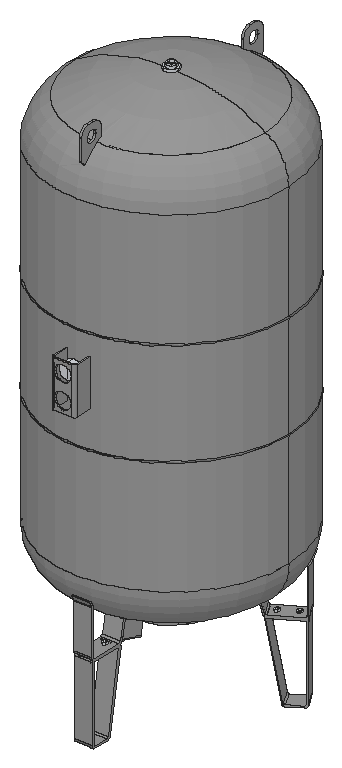
Revit family "WRV 750", category Оборудование, Revit 2014
Parameters
  Описание = "Мембранный бак для отопления V=750л, Py=10бар, 1 1/2\""
  Материал = Красная краска
  Масса кг = "130"
  Комментарии к типоразмеру = "WRV 750"
  Изготовитель = "WESTER"  # constant formula
  URL = "http://www.wester.su/"
Reference planes
  plane 1 "По центру (Вперед/Назад)": y = 0
  plane 2: z = 0
  plane 3 "По центру (Влево/Вправо)": x = 0
Forms (mm)
  Revolve 1, solid, material "Красная краска" <- "Материал"
    sketch origin (161.5, 0, 720.958) x (0, 0, 1) y (-1, 0, 0)
      loop
        line (-429.958, 161.5) -> (1130.535, 161.5)
        arc (1130.535, 161.5) -> (1109.557, 323.049) -> (1047.304, 473.59) r 621.259
        arc (1047.304, 473.59) -> (990.263, 530.631) -> (912.343, 551.51) r 155.839
        line (912.343, 551.51) -> (530.188, 551.51)
        arc (530.188, 551.51) -> (527.688, 552.387) -> (525.188, 551.51) r 4
        line (525.188, 551.51) -> (182.452, 551.51)
        arc (182.452, 551.51) -> (179.952, 552.387) -> (177.452, 551.51) r 4
        line (177.452, 551.51) -> (-204.765, 551.51)
        arc (-204.765, 551.51) -> (-282.777, 530.591) -> (-339.873, 473.464) r 156.004
        arc (-339.873, 473.464) -> (-387.04, 371.473) -> (-415.161, 262.679) r 624.357
        line (-415.161, 262.679) -> (-429.958, 247.881) -> (-429.958, 161.5)
      axis (-429.958, 161.5) -> (1130.535, 161.5)
    angle from 0 to 360
  Revolve 2, solid, material "Красная краска" <- "Материал"
    sketch origin (0, 0, 542.559) x (-1, 0, 0) y (0, 0, -1)
      loop
        line (0, 251.559) -> (120, 251.559) -> (120, 259.559) -> (100, 259.559) -> (100, 268.559) -> (125, 268.559) -> (125, 274.559) -> (27.498, 274.559)
        arc (27.498, 274.559) -> (26.619, 276.68) -> (24.498, 277.559) r 3
        line (24.498, 277.559) -> (24.498, 322.559) -> (19.506, 322.559) -> (19.506, 279.516) -> (0, 279.516) -> (0, 251.559)
      axis (0, 322.559) -> (0, 251.559)
    angle from 0 to 360
  Revolve 3, solid
    sketch origin (0, 0, 1200) x (1, 0, 0) y (0, 0, 1)
      loop
        line (-13.204, 667.82) -> (-13.204, 663) -> (-16, 663) -> (-16, 656.503) -> (-23.985, 656.503) -> (-23.985, 651.489) -> (0, 651.489) -> (0, 653.751) -> (-7.729, 653.751) -> (-9.298, 655.32) -> (-9.298, 669.819) -> (-11.205, 669.819) -> (-13.204, 667.82)
      axis (0, 669.819) -> (0, 651.489)
    angle from 0 to 360
  Extrusion 4, solid, material "Красная краска" <- "Материал"
    sketch origin (0, 0, 0) x (0, 1, 0) y (0, 0, 1)
      loop
        line (-363.5, 256.711) -> (-363.5, 10)
        arc (-363.5, 10) -> (-360.571, 2.929) -> (-353.5, 0) r 10
        line (-353.5, 0) -> (-302.041, 0)
        arc (-302.041, 0) -> (-295.613, 2.34) -> (-292.193, 8.264) r 10
        line (-292.193, 8.264) -> (-248.28, 257.305)
        arc (-248.28, 257.305) -> (-250.055, 260.659) -> (-253.604, 262) r 5.366
        arc (-253.604, 262) -> (-247.516, 264.066) -> (-243.945, 269.412) r 10
        line (-243.945, 269.412) -> (-228.032, 328.8)
        arc (-228.032, 328.8) -> (-225.007, 332.569) -> (-220.184, 332.885) r 6
        line (-220.184, 332.885) -> (-211.645, 329.777) -> (-210.277, 333.536) -> (-218.816, 336.644)
        arc (-218.816, 336.644) -> (-226.854, 336.117) -> (-231.895, 329.835) r 10
        line (-231.895, 329.835) -> (-247.808, 270.447)
        arc (-247.808, 270.447) -> (-249.951, 267.24) -> (-253.604, 266) r 6
        line (-253.604, 266) -> (-355, 266)
        arc (-355, 266) -> (-359.243, 267.757) -> (-361, 272) r 6
        line (-361, 272) -> (-361, 421.321)
        arc (-361, 421.321) -> (-361.341, 423.909) -> (-362.34, 426.321) r 10
        line (-362.34, 426.321) -> (-371, 441.321) -> (-374.464, 439.321) -> (-365.804, 424.321)
        arc (-365.804, 424.321) -> (-365.204, 422.873) -> (-365, 421.321) r 6
        line (-365, 421.321) -> (-365, 272)
        arc (-365, 272) -> (-362.071, 264.929) -> (-355, 262) r 10
        line (-355, 262) -> (-359.63, 262)
        arc (-359.63, 262) -> (-362.466, 260.015) -> (-363.5, 256.711) r 5.366
      loop
        arc (-359.5, 10) -> (-357.743, 5.757) -> (-353.5, 4) r 6
        line (-353.5, 4) -> (-302.041, 4)
        arc (-302.041, 4) -> (-298.184, 5.404) -> (-296.132, 8.958) r 6
        line (-296.132, 8.958) -> (-252.62, 255.726)
        arc (-252.62, 255.726) -> (-253.286, 257.334) -> (-254.894, 258) r 2.274
        line (-254.894, 258) -> (-357.882, 258)
        arc (-357.882, 258) -> (-359.026, 257.526) -> (-359.5, 256.382) r 1.618
        line (-359.5, 256.382) -> (-359.5, 10)
    from -30 to 30
  Extrusion 5, solid, material "Красная краска" <- "Материал"
    sketch origin (-6.607, 11.444, 0) x (-0.866025, -0.5, 0) y (0, 0, 1)
      loop
        line (-363.5, 256.711) -> (-363.5, 10)
        arc (-363.5, 10) -> (-360.571, 2.929) -> (-353.5, 0) r 10
        line (-353.5, 0) -> (-302.041, 0)
        arc (-302.041, 0) -> (-295.613, 2.34) -> (-292.193, 8.264) r 10
        line (-292.193, 8.264) -> (-248.28, 257.305)
        arc (-248.28, 257.305) -> (-250.055, 260.659) -> (-253.604, 262) r 5.366
        arc (-253.604, 262) -> (-247.516, 264.066) -> (-243.945, 269.412) r 10
        line (-243.945, 269.412) -> (-228.032, 328.8)
        arc (-228.032, 328.8) -> (-225.007, 332.569) -> (-220.184, 332.885) r 6
        line (-220.184, 332.885) -> (-211.645, 329.777) -> (-210.277, 333.536) -> (-218.816, 336.644)
        arc (-218.816, 336.644) -> (-226.854, 336.117) -> (-231.895, 329.835) r 10
        line (-231.895, 329.835) -> (-247.808, 270.447)
        arc (-247.808, 270.447) -> (-249.951, 267.24) -> (-253.604, 266) r 6
        line (-253.604, 266) -> (-355, 266)
        arc (-355, 266) -> (-359.243, 267.757) -> (-361, 272) r 6
        line (-361, 272) -> (-361, 421.321)
        arc (-361, 421.321) -> (-361.341, 423.909) -> (-362.34, 426.321) r 10
        line (-362.34, 426.321) -> (-371, 441.321) -> (-374.464, 439.321) -> (-365.804, 424.321)
        arc (-365.804, 424.321) -> (-365.204, 422.873) -> (-365, 421.321) r 6
        line (-365, 421.321) -> (-365, 272)
        arc (-365, 272) -> (-362.071, 264.929) -> (-355, 262) r 10
        line (-355, 262) -> (-359.63, 262)
        arc (-359.63, 262) -> (-362.466, 260.015) -> (-363.5, 256.711) r 5.366
      loop
        arc (-359.5, 10) -> (-357.743, 5.757) -> (-353.5, 4) r 6
        line (-353.5, 4) -> (-302.041, 4)
        arc (-302.041, 4) -> (-298.184, 5.404) -> (-296.132, 8.958) r 6
        line (-296.132, 8.958) -> (-252.62, 255.726)
        arc (-252.62, 255.726) -> (-253.286, 257.334) -> (-254.894, 258) r 2.274
        line (-254.894, 258) -> (-357.882, 258)
        arc (-357.882, 258) -> (-359.026, 257.526) -> (-359.5, 256.382) r 1.618
        line (-359.5, 256.382) -> (-359.5, 10)
    from -43.215 to 16.785
  Extrusion 6, solid, material "Красная краска" <- "Материал"
    sketch origin (-44.612, -75.587, 0) x (0.866025, -0.5, 0) y (0, 0, 1)
      loop
        line (-363.5, 256.711) -> (-363.5, 10)
        arc (-363.5, 10) -> (-360.571, 2.929) -> (-353.5, 0) r 10
        line (-353.5, 0) -> (-302.041, 0)
        arc (-302.041, 0) -> (-295.613, 2.34) -> (-292.193, 8.264) r 10
        line (-292.193, 8.264) -> (-248.28, 257.305)
        arc (-248.28, 257.305) -> (-250.055, 260.659) -> (-253.604, 262) r 5.366
        arc (-253.604, 262) -> (-247.516, 264.066) -> (-243.945, 269.412) r 10
        line (-243.945, 269.412) -> (-228.032, 328.8)
        arc (-228.032, 328.8) -> (-225.007, 332.569) -> (-220.184, 332.885) r 6
        line (-220.184, 332.885) -> (-211.645, 329.777) -> (-210.277, 333.536) -> (-218.816, 336.644)
        arc (-218.816, 336.644) -> (-226.854, 336.117) -> (-231.895, 329.835) r 10
        line (-231.895, 329.835) -> (-247.808, 270.447)
        arc (-247.808, 270.447) -> (-249.951, 267.24) -> (-253.604, 266) r 6
        line (-253.604, 266) -> (-355, 266)
        arc (-355, 266) -> (-359.243, 267.757) -> (-361, 272) r 6
        line (-361, 272) -> (-361, 421.321)
        arc (-361, 421.321) -> (-361.341, 423.909) -> (-362.34, 426.321) r 10
        line (-362.34, 426.321) -> (-371, 441.321) -> (-374.464, 439.321) -> (-365.804, 424.321)
        arc (-365.804, 424.321) -> (-365.204, 422.873) -> (-365, 421.321) r 6
        line (-365, 421.321) -> (-365, 272)
        arc (-365, 272) -> (-362.071, 264.929) -> (-355, 262) r 10
        line (-355, 262) -> (-359.63, 262)
        arc (-359.63, 262) -> (-362.466, 260.015) -> (-363.5, 256.711) r 5.366
      loop
        arc (-359.5, 10) -> (-357.743, 5.757) -> (-353.5, 4) r 6
        line (-353.5, 4) -> (-302.041, 4)
        arc (-302.041, 4) -> (-298.184, 5.404) -> (-296.132, 8.958) r 6
        line (-296.132, 8.958) -> (-252.62, 255.726)
        arc (-252.62, 255.726) -> (-253.286, 257.334) -> (-254.894, 258) r 2.274
        line (-254.894, 258) -> (-357.882, 258)
        arc (-357.882, 258) -> (-359.026, 257.526) -> (-359.5, 256.382) r 1.618
        line (-359.5, 256.382) -> (-359.5, 10)
    from -117.766 to -57.766
  Extrusion 7, solid, material "Красная краска" <- "Материал"
    sketch origin (0, 0, 0) x (0, 1, 0) y (0, 0, 1)
      loop
        line (295, 1805.446) -> (295, 1777.795) -> (361.865, 1722.311) -> (375, 1735.446) -> (375, 1805.446)
        arc (375, 1805.446) -> (366.213, 1826.659) -> (345, 1835.446) r 30
        line (345, 1835.446) -> (325, 1835.446)
        arc (325, 1835.446) -> (303.787, 1826.659) -> (295, 1805.446) r 30
      loop
        circle (335.055, 1795.467) r 20
      loop
        arc (-295, 1805.446) -> (-303.787, 1826.659) -> (-325, 1835.446) r 30
        line (-325, 1835.446) -> (-345, 1835.446)
        arc (-345, 1835.446) -> (-366.213, 1826.659) -> (-375, 1805.446) r 30
        line (-375, 1805.446) -> (-375, 1735.446) -> (-361.865, 1722.311) -> (-295, 1777.795) -> (-295, 1805.446)
      loop
        circle (-335.055, 1795.467) r 20
    from -4 to 4
  Revolve 8, solid
    sketch origin (0, 0, 0) x (0, 1, 0) y (0, 0, 1)
      loop
        line (-389.991, 1060) -> (-389.991, 1065.5) -> (-394, 1065.5) -> (-394, 1063.991) -> (-403.476, 1063.991) -> (-404.501, 1062.967) -> (-404.501, 1062.095) -> (-394, 1062.095) -> (-394, 1060) -> (-389.991, 1060)
      axis (-389.991, 1060) -> (-404.501, 1060)
    angle from 0 to 360
  Revolve 9, solid
    sketch origin (0, 0, 0) x (0, 1, 0) y (0, 0, 1)
      loop
        line (-389.969, 1140) -> (-389.969, 1152) -> (-393.5, 1152) -> (-393.5, 1147) -> (-403.5, 1147) -> (-403.5, 1165) -> (-431.714, 1165) -> (-431.714, 1140) -> (-389.969, 1140)
      axis (-389.969, 1140) -> (-431.714, 1140)
    angle from 0 to 360
  Extrusion 10, solid, material "Красная краска" <- "Материал"
    sketch origin (0, 0, 0) x (1, 0, 0) y (0, 1, 0)
      loop
        line (40, -437.837) -> (40, -385.962) -> (36, -385.962) -> (36, -437.837)
        arc (36, -437.837) -> (34.243, -442.08) -> (30, -443.837) r 6
        line (30, -443.837) -> (-30, -443.837)
        arc (-30, -443.837) -> (-34.243, -442.08) -> (-36, -437.837) r 6
        line (-36, -437.837) -> (-36, -386.587) -> (-40, -386.587) -> (-40, -437.837)
        arc (-40, -437.837) -> (-37.071, -444.908) -> (-30, -447.837) r 10
        line (-30, -447.837) -> (30, -447.837)
        arc (30, -447.837) -> (37.071, -444.908) -> (40, -437.837) r 10
    from 1022.5 to 1177.5
  Extrusion 11, void
    sketch origin (0, 0, 0) x (1, 0, 0) y (0, 0, 1)
      loop
        circle (0, 1139.927) r 27.449
      loop
        circle (0, 1059.927) r 27.449
    from 443.837 to 447.837
  Extrusion 12, solid, material "Красная краска" <- "Материал"
    sketch origin (0, 0, 0) x (0, 1, 0) y (0, 0, 1)
      loop
        line (295, 1716.921) -> (356.475, 1716.921) -> (375, 1735.446) -> (375, 1805.446)
        arc (375, 1805.446) -> (366.213, 1826.659) -> (345, 1835.446) r 30
        line (345, 1835.446) -> (325, 1835.446)
        arc (325, 1835.446) -> (303.787, 1826.659) -> (295, 1805.446) r 30
        line (295, 1805.446) -> (295, 1716.921)
      loop
        circle (335.043, 1795.254) r 20
      loop
        line (-295, 1716.921) -> (-295, 1805.446)
        arc (-295, 1805.446) -> (-303.787, 1826.659) -> (-325, 1835.446) r 30
        line (-325, 1835.446) -> (-345, 1835.446)
        arc (-345, 1835.446) -> (-366.213, 1826.659) -> (-375, 1805.446) r 30
        line (-375, 1805.446) -> (-375, 1735.446) -> (-356.475, 1716.921) -> (-295, 1716.921)
      loop
        circle (-335.043, 1795.254) r 20
    from -4 to 4
Cuts and joins
  Extrusion 11 cuts Extrusion 10
  joined: Revolve 1, Extrusion 7, Extrusion 10, Extrusion 12
Dimensions and locks
  aligned and locked: level to plane 2
Nested families
  nested 1: "Болт" at (0, -107.984, 268) x (0, 1, 0) z (0, 0, -1), type "Болт"
  nested 2: "Болт" at (-93.625, -53.943, 268) x (0, 1, 0) z (0, 0, -1), type "Болт"
  nested 3: "Болт" at (-93.547, 53.952, 268) x (0, 1, 0) z (0, 0, -1), type "Болт"
  nested 4: "Болт" at (93.579, 54.029, 268) x (0, 1, 0) z (0, 0, -1), type "Болт"
  nested 5: "Болт" at (0, 108.014, 268) x (0, 1, 0) z (0, 0, -1), type "Болт"
  nested 6: "Болт" at (93.579, -54.025, 268) x (0, 1, 0) z (0, 0, -1), type "Болт"
  nested 7: "Болт" at (-239.03, 138.044, 266) x (-0.866, -0.5, 0) z (0, 0, 1), type "Болт"
    with L 20 mm
  nested 8: "Болт" at (-290.943, 167.993, 266) x (-0.866, -0.5, 0) z (0, 0, 1), type "Болт"
    with L 20 mm
  nested 9: "Болт" at (-290.943, 167.993, 258) x (0, 1, 0) z (0, 0, -1), type "Болт"
    with L 10 mm
  nested 10: "Болт" at (-239.03, 138.044, 258) x (0.866, 0.5, 0) z (0, 0, -1), type "Болт"
    with L 10 mm
  nested 11: "Болт" at (0, -275.938, 258) x (0, 1, 0) z (0, 0, -1), type "Болт"
    with L 10 mm
  nested 12: "Болт" at (0, -335.937, 258) x (0, 1, 0) z (0, 0, -1), type "Болт"
    with L 10 mm
  nested 13: "Болт" at (239.018, 138.008, 258) x (-0.866, -0.5, 0) z (0, 0, -1), type "Болт"
    with L 10 mm
  nested 14: "Болт" at (290.98, 168.008, 258) x (-0.866, -0.5, 0) z (0, 0, -1), type "Болт"
    with L 10 mm
  nested 15: "Болт" at (290.98, 168.008, 266) x (-0.866, -0.5, 0) z (0, 0, 1), type "Болт"
    with L 20 mm
  nested 16: "Болт" at (239.018, 138.008, 266) x (-0.866, -0.5, 0) z (0, 0, 1), type "Болт"
    with L 20 mm
  nested 17: "Болт" at (0, -275.938, 266) x (0, 1, 0) z (0, 0, 1), type "Болт"
    with L 20 mm
  nested 18: "Болт" at (0, -335.938, 266) x (0, 1, 0) z (0, 0, 1), type "Болт"
    with L 20 mm
Connectors
  piping at (0, 0, 220), diameter 40
    settings: on Revolve 2, index 1, connector inside diameter 609.6 mm, connector length 0 mm, flow factor 0, pipe flow 0.0 L/s, pressure drop 0.0 Pa, fitting loss kfactor 0, connector angle 0.00°, fixture units 0, engagement length 0 mm, angle of deflection 0.00°, flow configuration 1, flow direction 0, fitting loss method 0, system type 29, joint type 0, gender type 0, connector reference index -1, connector utility 0, adjustable connector no, is connector primary yes, connector description ""
Definition of nested family "Болт"
  Parameters (values of type "Болт")
    Default Elevation = 1219.2 mm
    L [instance] = 30 mm
  Reference planes
    plane 1 "По центру (Вперед/Назад)": y = 0
    plane 2: z = 0
    plane 3 "По центру (Влево/Вправо)": x = 0
    plane 4: z = -30
  Forms (mm)
    Extrusion 1, solid
      sketch origin (0, 0, 0) x (1, 0, 0) y (0, 1, 0)
        loop
          line (-1219.2, 1219.2) -> (-1219.2, -1219.2) -> (1219.2, -1219.2) -> (1219.2, 1219.2) -> (-1219.2, 1219.2)
      from 0 to -304.8
    Extrusion 2, solid, detail levels medium+fine
      sketch origin (0, 0, 0) x (0, 1, 0) y (-1, 0, 0)
        loop
          line (-6.5, -3.753) -> (0, -7.506) -> (6.5, -3.753) -> (6.5, 3.753) -> (0, 7.506) -> (-6.5, 3.753) -> (-6.5, -3.753)
      from 0 to 5.3
    Extrusion 3, solid, detail levels medium+fine
      sketch origin (0, 0, 0) x (1, 0, 0) y (0, 1, 0)
        loop
          circle (0, 0) r 4
      from -30 to 0
    Revolve 4, void
      sketch origin (0, 0, 0) x (1, 0, 0) y (0, 0, 1)
        loop
          line (-7.506, 4.447) -> (-6.413, 5.3) -> (-7.506, 5.3) -> (-7.506, 4.447)
        axis (0, 5.3) -> (0, 4.3)
      angle from 0 to 360
    Revolve 5, void
      sketch origin (0, 0, -51.56) x (1, 0, 0) y (0, 0, 1)
        loop
          line (-4, 21.56) -> (-2.365, 21.56) -> (-4, 23.195) -> (-4, 21.56)
        axis (0, 23.195) -> (0, 21.56)
      angle from 0 to 360
  Cuts and joins
    Revolve 4 cuts Extrusion 2
    Revolve 5 cuts Extrusion 3
    joined: Extrusion 2, Extrusion 3
  Dimensions and locks
    Extrusion 1 to cut or joined group of Extrusion 2, Extrusion 3, Revolve 4, Revolve 5 = 30 mm
    "L": level to plane 4
    locked: Revolve 5 sketch curve to plane 4 at 1.635
    aligned and locked: plane 2 to Extrusion 1
    aligned and locked: level to Extrusion 1
    aligned and locked: Revolve 4 sketch curve to plane 3 "По центру (Влево/Вправо)"
    aligned and locked: cut or joined group of Extrusion 2, Extrusion 3, Revolve 4, Revolve 5 to Revolve 4 sketch curve
    aligned and locked: Extrusion 3 to plane 4
    aligned and locked: cut or joined group of Extrusion 2, Extrusion 3, Revolve 4, Revolve 5 to plane 4
  Automatic sketch dimensions
    Extrusion 1 sketch curve to Extrusion 1 sketch curve = 2438.4 mm  (x2)
    plane 1 "По центру (Вперед/Назад)" to Extrusion 2 sketch curve = 0 mm  (x2)
    plane 1 "По центру (Вперед/Назад)" to Extrusion 2 sketch curve = 6.5 mm
    Extrusion 2 sketch curve to plane 1 "По центру (Вперед/Назад)" = 6.5 mm
    plane 3 "По центру (Влево/Вправо)" to Extrusion 2 sketch curve = 7.506 mm
    plane 3 "По центру (Влево/Вправо)" to Extrusion 2 sketch curve = 3.753 mm  (x2)
    Extrusion 2 sketch curve to plane 3 "По центру (Влево/Вправо)" = 3.753 mm  (x2)
    Extrusion 2 sketch curve to plane 3 "По центру (Влево/Вправо)" = 7.506 mm
    plane 1 "По центру (Вперед/Назад)" to Extrusion 3 sketch curve = 0 mm
    Extrusion 3 sketch curve to plane 3 "По центру (Влево/Вправо)" = 0 mm
    Revolve 4 sketch curve to plane 3 "По центру (Влево/Вправо)" = 6.413 mm
    Revolve 4 sketch curve to Revolve 4 sketch curve = 1.092 mm
    Revolve 4 sketch curve to Revolve 4 sketch curve = 0.853 mm
    Revolve 4 sketch curve to plane 4 = 544.04 mm
    Revolve 4 sketch curve to Revolve 4 sketch curve = 2603.758 mm
    plane 3 "По центру (Влево/Вправо)" to Revolve 5 sketch curve = 0 mm
    Revolve 5 sketch curve to plane 3 "По центру (Влево/Вправо)" = 2.365 mm
    Revolve 5 sketch curve to Revolve 5 sketch curve = 1.635 mm  (x2)
    Revolve 5 sketch curve to plane 4 = 595.6 mm
    level to Revolve 5 sketch curve = 2557.498 mm
    radius of Extrusion 3 sketch curve = 4 mm
